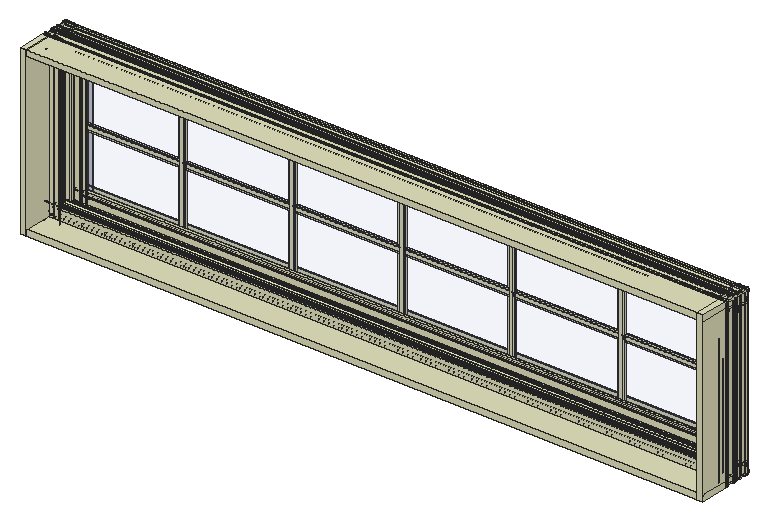
Revit family (continued)
Forms (in)
  Sweep 10, solid, material "Pella-Exterior Clad-Tan" <- "Exterior Finish"
    path origin (0, 2.95276, 0) x (1, 0, 0) y (0, 0, 1)
      loop
        line (34.5, 32.75) -> (-34.5, 32.75)
    profile origin (0, 2.95276, 32.75) x (0, 0, -1) y (0, -1, 0)
      loop
        arc (-1.16584, 0.22529) -> (-1.1383, 0.24955) -> (-1.10836, 0.22831) r 0.02957
        line (-1.10836, 0.22831) -> (-0.96796, 0.29378)
        arc (-0.96796, 0.29378) -> (-0.95487, 0.32512) -> (-0.98486, 0.34107) r 0.02522
        line (-0.98486, 0.34107) -> (-1.0968, 0.28886)
        arc (-1.0968, 0.28886) -> (-1.17828, 0.28791) -> (-1.21625, 0.21581) r 0.07961
        line (-1.21625, 0.21581) -> (-1.71765, 0.21581)
        arc (-1.71765, 0.21581) -> (-1.73793, 0.23008) -> (-1.76245, 0.23373) r 0.05376
        arc (-1.76245, 0.23373) -> (-1.77651, 0.22791) -> (-1.78234, 0.21384) r 0.01989
        arc (-1.78234, 0.21384) -> (-1.77787, 0.18303) -> (-1.75189, 0.16586) r 0.03806
        line (-1.75189, 0.16586) -> (-1.23505, 0.16586)
        arc (-1.23505, 0.16586) -> (-1.18944, 0.18275) -> (-1.16584, 0.22529) r 0.07001
  Sweep 11, solid, material "Pella-Exterior Clad-Tan" <- "Exterior Finish"
    path origin (0, 2.95276, 0) x (1, 0, 0) y (0, 0, 1)
      loop
        line (34.5, 47.75) -> (-34.5, 47.75)
    profile origin (0, 2.95276, 47.75) x (0, 0, -1) y (0, -1, 0)
      loop
        arc (1.16584, 0.22529) -> (1.18944, 0.18275) -> (1.23505, 0.16586) r 0.07001
        line (1.23505, 0.16586) -> (1.75189, 0.16586)
        arc (1.75189, 0.16586) -> (1.77787, 0.18303) -> (1.78234, 0.21384) r 0.03806
        arc (1.78234, 0.21384) -> (1.77651, 0.22791) -> (1.76245, 0.23373) r 0.01989
        arc (1.76245, 0.23373) -> (1.73793, 0.23008) -> (1.71765, 0.21581) r 0.05376
        line (1.71765, 0.21581) -> (1.21625, 0.21581)
        arc (1.21625, 0.21581) -> (1.17828, 0.28791) -> (1.0968, 0.28886) r 0.07961
        line (1.0968, 0.28886) -> (0.98486, 0.34107)
        arc (0.98486, 0.34107) -> (0.95487, 0.32512) -> (0.96796, 0.29378) r 0.02522
        line (0.96796, 0.29378) -> (1.10836, 0.22831)
        arc (1.10836, 0.22831) -> (1.1383, 0.24955) -> (1.16584, 0.22529) r 0.02957
  Sweep 12, solid, material "Pella-Exterior Clad-Tan" <- "Exterior Finish"
    path origin (0, 2.95276, 0) x (1, 0, 0) y (0, 0, 1)
      loop
        line (34.5, 47.75) -> (34.5, 32.75)
    profile origin (34.5, 2.95276, 40.25) x (0, -1, 0) y (1, 0, 0)
      loop
        arc (0.22529, -1.16584) -> (0.18275, -1.18944) -> (0.16586, -1.23505) r 0.07001
        line (0.16586, -1.23505) -> (0.16586, -1.75189)
        arc (0.16586, -1.75189) -> (0.18303, -1.77787) -> (0.21384, -1.78234) r 0.03806
        arc (0.21384, -1.78234) -> (0.22791, -1.77651) -> (0.23373, -1.76245) r 0.01989
        arc (0.23373, -1.76245) -> (0.23008, -1.73793) -> (0.21581, -1.71765) r 0.05376
        line (0.21581, -1.71765) -> (0.21581, -1.21625)
        arc (0.21581, -1.21625) -> (0.28791, -1.17828) -> (0.28886, -1.0968) r 0.07961
        line (0.28886, -1.0968) -> (0.34107, -0.98486)
        arc (0.34107, -0.98486) -> (0.32512, -0.95487) -> (0.29378, -0.96796) r 0.02522
        line (0.29378, -0.96796) -> (0.22831, -1.10836)
        arc (0.22831, -1.10836) -> (0.24955, -1.1383) -> (0.22529, -1.16584) r 0.02957
  Sweep 13, solid
    path origin (0, 2.95276, 0) x (1, 0, 0) y (0, 0, 1)
      loop
        line (-34.5, 32.75) -> (-34.5, 47.75)
    profile origin (-34.5, 2.95276, 40.25) x (-1, 0, 0) y (0, -1, 0)
      loop
        arc (-1.16584, 0.22529) -> (-1.1383, 0.24955) -> (-1.10836, 0.22831) r 0.02957
        line (-1.10836, 0.22831) -> (-0.96796, 0.29378)
        arc (-0.96796, 0.29378) -> (-0.95487, 0.32512) -> (-0.98486, 0.34107) r 0.02522
        line (-0.98486, 0.34107) -> (-1.0968, 0.28886)
        arc (-1.0968, 0.28886) -> (-1.17828, 0.28791) -> (-1.21625, 0.21581) r 0.07961
        line (-1.21625, 0.21581) -> (-1.71765, 0.21581)
        arc (-1.71765, 0.21581) -> (-1.73793, 0.23008) -> (-1.76245, 0.23373) r 0.05376
        arc (-1.76245, 0.23373) -> (-1.77651, 0.22791) -> (-1.78234, 0.21384) r 0.01989
        arc (-1.78234, 0.21384) -> (-1.77787, 0.18303) -> (-1.75189, 0.16586) r 0.03806
        line (-1.75189, 0.16586) -> (-1.23505, 0.16586)
        arc (-1.23505, 0.16586) -> (-1.18944, 0.18275) -> (-1.16584, 0.22529) r 0.07001
  Sweep 14, solid, material "Pella-Exterior Clad-Tan" <- "Interior Finish"
    path origin (0, 2.95276, 0) x (1, 0, 0) y (0, 0, 1)
      loop
        line (35.75, 49) -> (35.75, 31.5)
    profile origin (35.75, 2.95276, 40.25) x (0, -1, 0) y (1, 0, 0)
      loop
        line (2.99998, 0) -> (2.99998, -0.625) -> (5.90551, -0.625) -> (5.90551, 0) -> (2.99998, 0)
  Sweep 15, solid, material "Pella-Exterior Clad-Tan" <- "Interior Finish"
    path origin (0, 2.95276, 0) x (1, 0, 0) y (0, 0, 1)
      loop
        line (-35.75, 49) -> (-35.75, 31.5)
    profile origin (-35.75, 2.95276, 40.25) x (0, -1, 0) y (1, 0, 0)
      loop
        line (2.99998, 0) -> (5.90551, 0) -> (5.90551, 0.625) -> (2.99998, 0.625) -> (2.99998, 0)
  Sweep 16, solid, material "Pella-Exterior Clad-Tan" <- "Interior Finish"
    path origin (0, 2.95276, 0) x (1, 0, 0) y (0, 0, 1)
      loop
        line (35.75, 31.5) -> (-35.75, 31.5)
    profile origin (0, 2.95276, 31.5) x (0, 0, -1) y (0, -1, 0)
      loop
        line (0, 2.99998) -> (0, 5.90551) -> (-0.625, 5.90551) -> (-0.625, 2.99998) -> (0, 2.99998)
  Sweep 17, solid, material "Pella-Exterior Clad-Tan" <- "Interior Finish"
    path origin (0, 2.95276, 0) x (1, 0, 0) y (0, 0, 1)
      loop
        line (35.75, 49) -> (-35.75, 49)
    profile origin (0, 2.95276, 49) x (0, 0, -1) y (0, -1, 0)
      loop
        line (0, 2.99998) -> (0.625, 2.99998) -> (0.625, 5.90551) -> (0, 5.90551) -> (0, 2.99998)
  Extrusion 18, solid, material "Pella-Argon Filled, Low-E Insulating Glass" <- "Glazing Type"
    sketch origin (0, 2.7192, 0) x (0, 0, -1) y (1, 0, 0)
      loop
        line (-46.45155, 33.20155) -> (-46.45155, -33.20155) -> (-34.04845, -33.20155) -> (-34.04845, 33.20155) -> (-46.45155, 33.20155)
    from 0 to 0.11811
  Extrusion 19, solid, material "Pella-Argon Filled, Low-E Insulating Glass" <- "Glazing Type"
    sketch origin (0, 2.00526, 0) x (0, 0, -1) y (1, 0, 0)
      loop
        line (-34.04845, -33.20155) -> (-34.04845, 33.20155) -> (-46.45155, 33.20155) -> (-46.45155, -33.20155) -> (-34.04845, -33.20155)
    from 0 to -0.11811
  Sweep 20, solid, material "Pella-Exterior Clad-Tan" <- "Grille Finish", visible <- "Vertical Mullion 5"
    path origin (0, 2.95276, 0) x (1, 0, 0) y (0, 0, 1)
      loop
        line (0, 46.53029) -> (0, 33.96971)
    profile origin (0, 2.95276, 40.25) x (0, -1, 0) y (1, 0, 0)
      loop
        line (0.65942, -23.375) -> (0.67625, -23.21555) -> (0.70864, -23.19685) -> (0.70864, -22.80315) -> (0.67625, -22.78445) -> (0.65942, -22.625) -> (0.52163, -22.625) -> (0.50481, -22.78445) -> (0.47242, -22.80315) -> (0.47242, -23.19685) -> (0.50481, -23.21555) -> (0.52163, -23.375) -> (0.65942, -23.375)
      loop
        line (0.65942, -11.875) -> (0.67625, -11.71555) -> (0.70864, -11.69685) -> (0.70864, -11.30315) -> (0.67625, -11.28445) -> (0.65942, -11.125) -> (0.52163, -11.125) -> (0.50481, -11.28445) -> (0.47242, -11.30315) -> (0.47242, -11.69685) -> (0.50481, -11.71555) -> (0.52163, -11.875) -> (0.65942, -11.875)
      loop
        line (0.65942, -0.375) -> (0.67625, -0.21555) -> (0.70864, -0.19685) -> (0.70864, 0.19685) -> (0.67625, 0.21555) -> (0.65942, 0.375) -> (0.52163, 0.375) -> (0.50481, 0.21555) -> (0.47242, 0.19685) -> (0.47242, -0.19685) -> (0.50481, -0.21555) -> (0.52163, -0.375) -> (0.65942, -0.375)
      loop
        line (0.65942, 11.125) -> (0.67625, 11.28445) -> (0.70864, 11.30315) -> (0.70864, 11.69685) -> (0.67625, 11.71555) -> (0.65942, 11.875) -> (0.52163, 11.875) -> (0.50481, 11.71555) -> (0.47242, 11.69685) -> (0.47242, 11.30315) -> (0.50481, 11.28445) -> (0.52163, 11.125) -> (0.65942, 11.125)
      loop
        line (0.65942, 22.625) -> (0.67625, 22.78445) -> (0.70864, 22.80315) -> (0.70864, 23.19685) -> (0.67625, 23.21555) -> (0.65942, 23.375) -> (0.52163, 23.375) -> (0.50481, 23.21555) -> (0.47242, 23.19685) -> (0.47242, 22.80315) -> (0.50481, 22.78445) -> (0.52163, 22.625) -> (0.65942, 22.625)
  Sweep 21, solid, material "Pella-Exterior Clad-Tan" <- "Grille Finish", visible <- "Horizontal Mullion 1"
    path origin (0, 2.95276, 0) x (1, 0, 0) y (0, 0, 1)
      loop
        line (33.28029, 40.25) -> (-33.28029, 40.25)
    profile origin (0, 2.95276, 40.25) x (0, 0, -1) y (0, -1, 0)
      loop
        line (0.375, 0.52163) -> (0.375, 0.65942) -> (0.21555, 0.67625) -> (0.19685, 0.70864) -> (-0.19685, 0.70864) -> (-0.21555, 0.67625) -> (-0.375, 0.65942) -> (-0.375, 0.52163) -> (-0.21555, 0.50481) -> (-0.19685, 0.47242) -> (0.19685, 0.47242) -> (0.21555, 0.50481) -> (0.375, 0.52163)
  Sweep 22, solid, material "Pella-Exterior Clad-Tan" <- "Grille Finish", visible <- "Prairie Grille"
    path origin (0, 2.95276, 0) x (1, 0, 0) y (0, 0, 1)
      loop
        line (0, 33.96971) -> (0, 46.53029)
    profile origin (0, 2.95276, 40.25) x (-1, 0, 0) y (0, -1, 0)
      loop
        line (30.45571, 0.65942) -> (30.29626, 0.67625) -> (30.27756, 0.70864) -> (29.88386, 0.70864) -> (29.86516, 0.67625) -> (29.70571, 0.65942) -> (29.70571, 0.52163) -> (29.86516, 0.50481) -> (29.88386, 0.47242) -> (30.27756, 0.47242) -> (30.29626, 0.50481) -> (30.45571, 0.52163) -> (30.45571, 0.65942)
      loop
        line (-29.70571, 0.65942) -> (-29.86516, 0.67625) -> (-29.88386, 0.70864) -> (-30.27756, 0.70864) -> (-30.29626, 0.67625) -> (-30.45571, 0.65942) -> (-30.45571, 0.52163) -> (-30.29626, 0.50481) -> (-30.27756, 0.47242) -> (-29.88386, 0.47242) -> (-29.86516, 0.50481) -> (-29.70571, 0.52163) -> (-29.70571, 0.65942)
  Sweep 23, solid, material "Pella-Exterior Clad-Tan" <- "Grille Finish", visible <- "Prairie Grille"
    path origin (0, 2.95276, 0) x (1, 0, 0) y (0, 0, 1)
      loop
        line (33.28029, 40.25) -> (-33.28029, 40.25)
    profile origin (0, 2.95276, 40.25) x (0, 0, -1) y (0, -1, 0)
      loop
        line (-3.53804, 0.52163) -> (-3.37859, 0.50481) -> (-3.35989, 0.47242) -> (-2.96619, 0.47242) -> (-2.94749, 0.50481) -> (-2.78804, 0.52163) -> (-2.78804, 0.65942) -> (-2.94749, 0.67625) -> (-2.96619, 0.70864) -> (-3.35989, 0.70864) -> (-3.37859, 0.67625) -> (-3.53804, 0.65942) -> (-3.53804, 0.52163)
  Sweep 24, solid, material "Pella-Exterior Clad-Tan" <- "Grille Finish", visible <- "Prairie Grille"
    path origin (0, 2.95276, 0) x (1, 0, 0) y (0, 0, 1)
      loop
        line (33.28029, 40.25) -> (-33.28029, 40.25)
    profile origin (0, 2.95276, 40.25) x (0, 0, -1) y (0, -1, 0)
      loop
        line (3.53804, 0.52163) -> (3.53804, 0.65942) -> (3.37859, 0.67625) -> (3.35989, 0.70864) -> (2.96619, 0.70864) -> (2.94749, 0.67625) -> (2.78804, 0.65942) -> (2.78804, 0.52163) -> (2.94749, 0.50481) -> (2.96619, 0.47242) -> (3.35989, 0.47242) -> (3.37859, 0.50481) -> (3.53804, 0.52163)
Lines and regions (in)
  Opening 1
    outline origin (137.79528, -2.95276, 0) x (1, 0, 0) y (0, 0, 1)
      loop
        line (-102.04528, 31.5) -> (-102.04528, 49) -> (-173.54528, 49) -> (-173.54528, 31.5) -> (-102.04528, 31.5)
Text (in)
  text "EXTERIOR" at (-77.29147, 52.45485, 0), in view "Ref. Level"
  text "INTERIOR" at (-78.01048, -32.21994, 0), in view "Ref. Level"
  text "Exterior" at (0, 36.36817, 115.8778), in view "Right"
  text "Exterior" at (0, 40.96394, 105.72475), in view "Left"
Dimensions and locks (in)
  equal spacing: plane 3 "Left", plane 2 "Center (Left/Right)", plane 4 "Right"
  "Width": plane 3 "Left" to plane 4 "Right"
  "Height": plane 5 "Sill" to plane 6 "Head"
  "Default Sill Height": plane 5 "Sill" to level
  locked: plane 7 "Exterior" to host wall at 0
  locked: plane 8 "Interior" to host wall
  "Set Back": plane 10 "Set Back" to plane 9 "Exterior Facade"
  equal spacing: plane 11 "Left Sash", plane 2 "Center (Left/Right)", plane 12 "Right Sash"
  "Sash Width": plane 11 "Left Sash" to plane 12 "Right Sash"
  plane 11 "Left Sash" to plane 13 "Interior Left" to plane 27 = 0' - 1.4868" locked, 0' - 0.30189" locked
  plane 26 to plane 14 "Interior Right" to plane 12 "Right Sash" = 0' - 0.30189" locked, 0' - 1.4868" locked
  locked: plane 15 "Head (Interior)" to plane 17 "Head-Interior" at 1.4868
  locked: plane 18 "Sill-Interior" to plane 16 "Sill (Interior)" at 1.4868
  locked: plane 7 "Exterior" to plane 9 "Exterior Facade" at 1.3125
  locked: plane 6 "Head" to plane 15 "Head (Interior)" at 1.25
  locked: plane 16 "Sill (Interior)" to plane 5 "Sill" at 1.25
  equal spacing: plane 17 "Head-Interior", plane 19, plane 18 "Sill-Interior"
  locked: plane 20 "Glazing Exterior - Exterior" to plane 21 "Glazing Exterior - Interior" at 0.11811
  locked: plane 23 "Glazing Interior - Interior" to plane 22 "Glazing Interior - Exterior" at 0.11811
  locked: plane 25 "2nd Glazing Sill" to plane 18 "Sill-Interior" at 0.30189
  locked: plane 17 "Head-Interior" to plane 24 "2nd Glazing Head" at 0.30189
  plane 33 to plane 32 to plane 31 to plane 28 to plane 29 to plane 30 to plane 4 "Right" = 0' - 0.07" locked, 0' - 0.28" locked, 0' - 0.651" locked, 0' - 0.05508" locked, 0' - 0.03092" locked, 0' - 1.38271" locked
  plane 3 "Left" to plane 36 to plane 35 to plane 34 to plane 37 to plane 38 to plane 39 = 0' - 1.38271" locked, 0' - 0.03092" locked, 0' - 0.05508" locked, 0' - 0.651" locked, 0' - 0.28" locked, 0' - 0.07" locked
  locked: plane 3 "Left" to plane 40 at 3.03234
  locked: plane 41 to plane 4 "Right" at 3.03234
  locked: plane 42 to plane 4 "Right" at 0.625
  locked: plane 43 to plane 10 "Set Back" at 2.99998
  locked: plane 3 "Left" to plane 44 at 0.625
  locked: plane 10 "Set Back" to plane 45 at 2.99998
  locked: plane 5 "Sill" to plane 46 at 0.625
  locked: plane 10 "Set Back" to plane 47 at 2.99998
  locked: plane 10 "Set Back" to plane 48 at 2.99998
  locked: plane 49 to plane 6 "Head" at 0.625
  plane 10 "Set Back" to plane 20 "Glazing Exterior - Exterior" to plane 22 "Glazing Interior - Exterior" = 0' - 0.23356" locked, 0' - 0.71394" locked
  locked: plane 53 to plane 4 "Right" at 2.54845
  locked: plane 3 "Left" to plane 52 at 2.54845
  locked: plane 5 "Sill" to plane 50 at 2.54845
  locked: plane 51 to plane 6 "Head" at 2.54845
  locked: plane 55 to plane 4 "Right" at 2.54845
  locked: plane 3 "Left" to plane 54 at 2.54845
  locked: plane 57 to plane 6 "Head" at 2.54845
  locked: plane 5 "Sill" to plane 56 at 2.54845
  locked: plane 6 "Head" to plane 58 at 2.46971
  locked: plane 59 to plane 5 "Sill" at 2.46971
  locked: plane 3 "Left" to plane 60 at 2.46971
  locked: plane 61 to plane 4 "Right" at 2.46971
  equal spacing: plane 60, plane 62, plane 63, plane 61
  equal spacing: plane 11 "Left Sash", plane 64, plane 65, plane 66, plane 12 "Right Sash"
  equal spacing: plane 11 "Left Sash", plane 67, plane 68, plane 69, plane 70, plane 12 "Right Sash"
  equal spacing: plane 11 "Left Sash", plane 71, plane 72, plane 73, plane 74, plane 75, plane 12 "Right Sash"
  plane 77 to plane 71 to plane 76 = 0' - 0 3/8" locked, 0' - 0 3/8" locked
  plane 79 to plane 72 to plane 78 = 0' - 0 3/8" locked, 0' - 0 3/8" locked
  plane 81 to plane 73 to plane 80 = 0' - 0 3/8" locked, 0' - 0 3/8" locked
  plane 83 to plane 74 to plane 82 = 0' - 0 3/8" locked, 0' - 0 3/8" locked
  plane 85 to plane 75 to plane 84 = 0' - 0 3/8" locked, 0' - 0 3/8" locked
  plane 87 to plane 19 to plane 86 = 0' - 0 3/8" locked, 0' - 0 3/8" locked
  equal spacing: plane 17 "Head-Interior", plane 89, plane 88, plane 18 "Sill-Interior"
  equal spacing: plane 17 "Head-Interior", plane 92, plane 91, plane 90, plane 18 "Sill-Interior"
  equal spacing: plane 17 "Head-Interior", plane 96, plane 95, plane 94, plane 93, plane 18 "Sill-Interior"
  plane 3 "Left" to plane 98 to plane 97 = 0' - 5.29429" locked, 0' - 0 3/4" locked
  plane 100 to plane 99 to plane 4 "Right" = 0' - 0 3/4" locked, 0' - 5.29429" locked
  plane 15 "Head (Interior)" to plane 102 to plane 101 = 0' - 3.96196" locked, 0' - 0 3/4" locked
  plane 16 "Sill (Interior)" to plane 104 to plane 103 = 0' - 3.96196" locked, 0' - 0 3/4" locked
  aligned and locked: plane 3 "Left" to Sweep 1 sketch curve
  aligned and locked: plane 4 "Right" to Sweep 2 sketch curve
  aligned and locked: plane 6 "Head" to Sweep 3 sketch curve
  aligned and locked: plane 5 "Sill" to Sweep 4 sketch curve
  aligned and locked: plane 5 "Sill" to Sweep 5 sketch curve
  aligned and locked: plane 16 "Sill (Interior)" to Sweep 6 sketch curve
  aligned and locked: plane 15 "Head (Interior)" to Sweep 7 sketch curve
  aligned and locked: Sweep 8 sketch curve to plane 12 "Right Sash"
  aligned and locked: plane 30 to Sweep 8 sketch curve
  aligned and locked: plane 29 to Sweep 8 sketch curve
  aligned and locked: plane 28 to Sweep 8 sketch curve
  aligned and locked: plane 31 to Sweep 8 sketch curve
  aligned and locked: plane 32 to Sweep 8 sketch curve
  aligned and locked: plane 33 to Sweep 8 sketch curve
  aligned and locked: Sweep 9 sketch curve to plane 11 "Left Sash"
  aligned and locked: Sweep 9 sketch curve to plane 36
  aligned and locked: Sweep 9 sketch curve to plane 35
  aligned and locked: plane 34 to Sweep 9 sketch curve
  aligned and locked: plane 37 to Sweep 9 sketch curve
  aligned and locked: Sweep 9 sketch curve to plane 38
  aligned and locked: plane 39 to Sweep 9 sketch curve
  aligned and locked: plane 16 "Sill (Interior)" to Sweep 10 sketch curve
  aligned and locked: plane 15 "Head (Interior)" to Sweep 11 sketch curve
  aligned and locked: Sweep 12 sketch curve to plane 12 "Right Sash"
  aligned and locked: plane 11 "Left Sash" to Sweep 13 sketch curve
  aligned and locked: plane 40 to Sweep 13 sketch curve
  aligned and locked: plane 41 to Sweep 12 sketch curve
  aligned and locked: Sweep 14 sketch curve to plane 4 "Right"
  aligned and locked: plane 42 to Sweep 14 sketch curve
  aligned and locked: plane 8 "Interior" to Sweep 14 sketch curve
  aligned and locked: plane 43 to Sweep 14 sketch curve
  aligned and locked: Sweep 15 sketch curve to plane 3 "Left"
  aligned and locked: plane 44 to Sweep 15 sketch curve
  aligned and locked: plane 45 to Sweep 15 sketch curve
  aligned and locked: Sweep 15 sketch curve to plane 8 "Interior"
  aligned and locked: plane 5 "Sill" to Sweep 16 sketch curve
  aligned and locked: plane 47 to Sweep 16 sketch curve
  aligned and locked: plane 8 "Interior" to Sweep 16 sketch curve
  aligned and locked: Sweep 16 sketch curve to plane 46
  aligned and locked: plane 6 "Head" to Sweep 17 sketch curve
  aligned and locked: Sweep 17 sketch curve to plane 49
  aligned and locked: plane 48 to Sweep 17 sketch curve
  aligned and locked: Sweep 17 sketch curve to plane 8 "Interior"
  aligned and locked: Extrusion 18 sketch curve to plane 53
  aligned and locked: Extrusion 18 sketch curve to plane 51
  aligned and locked: Extrusion 18 sketch curve to plane 52
  aligned and locked: Extrusion 18 sketch curve to plane 50
  aligned and locked: plane 21 "Glazing Exterior - Interior" to Extrusion 18
  aligned and locked: plane 55 to Extrusion 19 sketch curve
  aligned and locked: Extrusion 19 sketch curve to plane 57
  aligned and locked: Extrusion 19 sketch curve to plane 54
  aligned and locked: plane 56 to Extrusion 19 sketch curve
  aligned and locked: Extrusion 19 to plane 23 "Glazing Interior - Interior"
  aligned and locked: plane 12 "Right Sash" to Sweep 6 sketch curve
  aligned and locked: plane 11 "Left Sash" to Sweep 6 sketch curve
  aligned and locked: plane 12 "Right Sash" to Sweep 7 sketch curve
  aligned and locked: plane 11 "Left Sash" to Sweep 7 sketch curve
  aligned and locked: plane 2 "Center (Left/Right)" to Sweep 20 sketch curve
  aligned and locked: plane 77 to Sweep 20 sketch curve
  aligned and locked: plane 76 to Sweep 20 sketch curve
  aligned and locked: plane 79 to Sweep 20 sketch curve
  aligned and locked: plane 78 to Sweep 20 sketch curve
  aligned and locked: plane 81 to Sweep 20 sketch curve
  aligned and locked: plane 80 to Sweep 20 sketch curve
  aligned and locked: plane 83 to Sweep 20 sketch curve
  aligned and locked: plane 82 to Sweep 20 sketch curve
  aligned and locked: plane 85 to Sweep 20 sketch curve
  aligned and locked: plane 84 to Sweep 20 sketch curve
  aligned and locked: Sweep 21 sketch curve to plane 19
  aligned and locked: plane 87 to Sweep 21 sketch curve
  aligned and locked: plane 86 to Sweep 21 sketch curve
  aligned and locked: Sweep 22 sketch curve to plane 2 "Center (Left/Right)"
  aligned and locked: plane 98 to Sweep 22 sketch curve
  aligned and locked: plane 97 to Sweep 22 sketch curve
  aligned and locked: plane 100 to Sweep 22 sketch curve
  aligned and locked: plane 99 to Sweep 22 sketch curve
  aligned and locked: Sweep 23 sketch curve to plane 19
  aligned and locked: Sweep 23 sketch curve to plane 102
  aligned and locked: Sweep 23 sketch curve to plane 101
  aligned and locked: plane 104 to Sweep 24 sketch curve
  aligned and locked: plane 103 to Sweep 24 sketch curve
Automatic sketch dimensions
  Opening 1 sketch curve to plane 3 "Left" = 0' - 0"
  Opening 1 sketch curve to plane 4 "Right" = 0' - 0"
  Opening 1 sketch curve to plane 5 "Sill" = 0' - 0"
  Opening 1 sketch curve to plane 6 "Head" = 0' - 0"
  Sweep 1 sketch curve to plane 5 "Sill" = 0' - 0"
  Sweep 1 sketch curve to plane 6 "Head" = 0' - 0"
  Sweep 1 sketch curve to Sweep 1 sketch curve = 0' - 0"  (x34)
  Sweep 1 sketch curve to profile plane = 0' - 0"  (x3)
  profile plane to Sweep 1 sketch curve = 0' - 0.02"  (x2)
  profile plane to Sweep 1 sketch curve = 0' - 0.025"
  profile plane to Sweep 1 sketch curve = 0' - 0.03318"  (x2)
  profile plane to Sweep 1 sketch curve = 0' - 0.03511"
  Sweep 1 sketch curve to Sweep 1 sketch curve = 0' - 0.00597"
  profile plane to Sweep 1 sketch curve = 0' - 0.04108"
  profile plane to Sweep 1 sketch curve = 0' - 0.045"  (x2)
  Sweep 1 sketch curve to Sweep 1 sketch curve = 0' - 0.028"  (x3)
  profile plane to Sweep 1 sketch curve = 0' - 0.05"
  Sweep 1 sketch curve to Sweep 1 sketch curve = 0' - 0.05"  (x6)
  Sweep 1 sketch curve to Sweep 1 sketch curve = 0' - 0.002"  (x2)
  Sweep 1 sketch curve to Sweep 1 sketch curve = 0' - 0.004"  (x2)
  Sweep 1 sketch curve to Sweep 1 sketch curve = 0' - 0.03182"  (x2)
  Sweep 1 sketch curve to Sweep 1 sketch curve = 0' - 0.015"
  profile plane to Sweep 1 sketch curve = 0' - 0.095"  (x3)
  Sweep 1 sketch curve to Sweep 1 sketch curve = 0' - 0.045"  (x8)
  Sweep 1 sketch curve to Sweep 1 sketch curve = 0' - 0.06392"  (x2)
  Sweep 1 sketch curve to Sweep 1 sketch curve = 0' - 0 1/256"  (x2)
  profile plane to Sweep 1 sketch curve = 0' - 0.11339"
  Sweep 1 sketch curve to Sweep 1 sketch curve = 0' - 0.0185"
  Sweep 1 sketch curve to Sweep 1 sketch curve = 0' - 0.055"  (x2)
  Sweep 1 sketch curve to Sweep 1 sketch curve = 0' - 0.02"  (x5)
  Sweep 1 sketch curve to Sweep 1 sketch curve = 0' - 0.07"  (x5)
  Sweep 1 sketch curve to Sweep 1 sketch curve = 0' - 0.503"
  plane 10 "Set Back" to Sweep 1 sketch curve = 0' - 0.09498"
  Sweep 1 sketch curve to Sweep 1 sketch curve = 0' - 0.58061"
  Sweep 1 sketch curve to plane 10 "Set Back" = 0' - 0"
  Sweep 1 sketch curve to Sweep 1 sketch curve = 0' - 0.01918"
  Sweep 1 sketch curve to Sweep 1 sketch curve = 0' - 0.02428"
  Sweep 1 sketch curve to Sweep 1 sketch curve = 0' - 0.03661"  (x2)
  Sweep 1 sketch curve to Sweep 1 sketch curve = 0' - 0.04333"
  Sweep 1 sketch curve to Sweep 1 sketch curve = 0' - 0.08839"  (x2)
  Sweep 1 sketch curve to Sweep 1 sketch curve = 0' - 0.09745"
  Sweep 1 sketch curve to Sweep 1 sketch curve = 0' - 0.01654"  (x2)
  Sweep 1 sketch curve to Sweep 1 sketch curve = 0' - 0.02032"
  Sweep 1 sketch curve to Sweep 1 sketch curve = 0' - 0.02085"
  Sweep 1 sketch curve to Sweep 1 sketch curve = 0' - 0.0255"  (x2)
  Sweep 1 sketch curve to Sweep 1 sketch curve = 0' - 0.03292"  (x2)
  Sweep 1 sketch curve to Sweep 1 sketch curve = 0' - 0.00055"  (x2)
  Sweep 1 sketch curve to Sweep 1 sketch curve = 0' - 0.02055"  (x2)
  Sweep 1 sketch curve to Sweep 1 sketch curve = 0' - 0.01"  (x2)
  Sweep 1 sketch curve to Sweep 1 sketch curve = 0' - 0.06016"  (x2)
  Sweep 1 sketch curve to Sweep 1 sketch curve = 0' - 0.035"  (x2)
  Sweep 1 sketch curve to Sweep 1 sketch curve = 0' - 0.02784"
  Sweep 1 sketch curve to Sweep 1 sketch curve = 0' - 0.26915"
  Sweep 1 sketch curve to Sweep 1 sketch curve = 0' - 0.05167"
  Sweep 1 sketch curve to Sweep 1 sketch curve = 0' - 0.00119"
  Sweep 1 sketch curve to Sweep 1 sketch curve = 0' - 0.01714"
  Sweep 1 sketch curve to Sweep 1 sketch curve = 0' - 0.094"
  Sweep 1 sketch curve to Sweep 1 sketch curve = 0' - 0.27984"
  Sweep 1 sketch curve to Sweep 1 sketch curve = 0' - 0.04496"
  Sweep 1 sketch curve to Sweep 1 sketch curve = 0' - 0.06993"
  Sweep 1 sketch curve to Sweep 1 sketch curve = 0' - 0.00011"
  Sweep 1 sketch curve to Sweep 1 sketch curve = 0' - 0.0299"  (x2)
  Sweep 1 sketch curve to Sweep 1 sketch curve = 0' - 0.11021"
  Sweep 1 sketch curve to Sweep 1 sketch curve = 0' - 0.383"
  Sweep 1 sketch curve to Sweep 1 sketch curve = 0' - 0.16011"
  Sweep 1 sketch curve to Sweep 1 sketch curve = 0' - 0.01368"
  Sweep 1 sketch curve to Sweep 1 sketch curve = 0' - 0.03998"
  Sweep 1 sketch curve to Sweep 1 sketch curve = 0' - 0.0275"
  Sweep 1 sketch curve to Sweep 1 sketch curve = 0' - 0.02752"
  plane 10 "Set Back" to Sweep 1 sketch curve = 0' - 0.04999"
  plane 10 "Set Back" to Sweep 1 sketch curve = 0' - 0.05186"
  Sweep 1 sketch curve to Sweep 1 sketch curve = 0' - 0.185"  (x2)
  Sweep 1 sketch curve to Sweep 1 sketch curve = 0' - 0.338"
  Sweep 1 sketch curve to Sweep 1 sketch curve = 0' - 0.37122"
  Sweep 1 sketch curve to Sweep 1 sketch curve = 0' - 0.08021"
  Sweep 1 sketch curve to Sweep 1 sketch curve = 0' - 0.01336"  (x2)
  Sweep 1 sketch curve to Sweep 1 sketch curve = 0' - 0.34"
  Sweep 1 sketch curve to Sweep 1 sketch curve = 0' - 0.047"
  Sweep 1 sketch curve to Sweep 1 sketch curve = 0' - 0.19"
  Sweep 1 sketch curve to Sweep 1 sketch curve = 0' - 0.35014"
  Sweep 1 sketch curve to Sweep 1 sketch curve = 0' - 0.027"
  Sweep 1 sketch curve to Sweep 1 sketch curve = 0' - 0.00938"
  Sweep 1 sketch curve to Sweep 1 sketch curve = 0' - 0.02127"
  Sweep 1 sketch curve to Sweep 1 sketch curve = 0' - 0.09032"
  Sweep 1 sketch curve to Sweep 1 sketch curve = 0' - 0.03915"
  Sweep 1 sketch curve to Sweep 1 sketch curve = 0' - 0.05036"
  Sweep 1 sketch curve to Sweep 1 sketch curve = 0' - 0.00152"
  Sweep 1 sketch curve to Sweep 1 sketch curve = 0' - 0.06753"
  Sweep 1 sketch curve to Sweep 1 sketch curve = 0' - 0.00594"
  Sweep 1 sketch curve to Sweep 1 sketch curve = 0' - 0 5/8"
  Sweep 1 sketch curve to Sweep 1 sketch curve = 0' - 0.005"  (x3)
  Sweep 1 sketch curve to Sweep 1 sketch curve = 0' - 0.58164"
  Sweep 1 sketch curve to Sweep 1 sketch curve = 0' - 0.04411"
  Sweep 1 sketch curve to Sweep 1 sketch curve = 0' - 0.03474"
  Sweep 1 sketch curve to Sweep 1 sketch curve = 0' - 0.03"  (x2)
  Sweep 1 sketch curve to Sweep 1 sketch curve = 0' - 0.0175"
  Sweep 1 sketch curve to Sweep 1 sketch curve = 0' - 0.0025"
  Sweep 2 sketch curve to plane 5 "Sill" = 0' - 0"
  Sweep 2 sketch curve to plane 6 "Head" = 0' - 0"
  Sweep 2 sketch curve to Sweep 2 sketch curve = 0' - 0"  (x34)
  Sweep 2 sketch curve to profile plane = 0' - 0"  (x3)
  Sweep 2 sketch curve to profile plane = 0' - 0.02"  (x2)
  Sweep 2 sketch curve to profile plane = 0' - 0.025"
  Sweep 2 sketch curve to profile plane = 0' - 0.03318"  (x2)
  Sweep 2 sketch curve to profile plane = 0' - 0.03511"
  Sweep 2 sketch curve to profile plane = 0' - 0.04108"
  Sweep 2 sketch curve to Sweep 2 sketch curve = 0' - 0.00597"
  Sweep 2 sketch curve to Sweep 2 sketch curve = 0' - 0.045"  (x10)
  Sweep 2 sketch curve to Sweep 2 sketch curve = 0' - 0 1/256"  (x3)
  Sweep 2 sketch curve to Sweep 2 sketch curve = 0' - 0.028"  (x3)
  Sweep 2 sketch curve to Sweep 2 sketch curve = 0' - 0.05"  (x8)
  Sweep 2 sketch curve to Sweep 2 sketch curve = 0' - 0.002"  (x2)
  Sweep 2 sketch curve to Sweep 2 sketch curve = 0' - 0.004"  (x2)
  Sweep 2 sketch curve to Sweep 2 sketch curve = 0' - 0.03182"  (x2)
  Sweep 2 sketch curve to Sweep 2 sketch curve = 0' - 0.015"
  Sweep 2 sketch curve to profile plane = 0' - 0.095"  (x3)
  Sweep 2 sketch curve to plane 10 "Set Back" = 0' - 0"
  Sweep 2 sketch curve to Sweep 2 sketch curve = 0' - 0.06392"  (x2)
  Sweep 2 sketch curve to profile plane = 0' - 0.11339"
  Sweep 2 sketch curve to Sweep 2 sketch curve = 0' - 0.0185"
  Sweep 2 sketch curve to Sweep 2 sketch curve = 0' - 0.02"  (x5)
  Sweep 2 sketch curve to Sweep 2 sketch curve = 0' - 0.055"  (x2)
  Sweep 2 sketch curve to Sweep 2 sketch curve = 0' - 0.07"  (x5)
  Sweep 2 sketch curve to Sweep 2 sketch curve = 0' - 0.503"
  Sweep 2 sketch curve to Sweep 2 sketch curve = 0' - 0.58061"
  Sweep 2 sketch curve to Sweep 2 sketch curve = 0' - 0.01918"
  Sweep 2 sketch curve to Sweep 2 sketch curve = 0' - 0.02428"
  Sweep 2 sketch curve to Sweep 2 sketch curve = 0' - 0.03661"  (x2)
  Sweep 2 sketch curve to Sweep 2 sketch curve = 0' - 0.04333"
  Sweep 2 sketch curve to Sweep 2 sketch curve = 0' - 0.08839"
  Sweep 2 sketch curve to Sweep 2 sketch curve = 0' - 0.05412"
  Sweep 2 sketch curve to Sweep 2 sketch curve = 0' - 0.01654"  (x2)
  Sweep 2 sketch curve to Sweep 2 sketch curve = 0' - 0.02032"
  Sweep 2 sketch curve to Sweep 2 sketch curve = 0' - 0.02085"
  Sweep 2 sketch curve to Sweep 2 sketch curve = 0' - 0.0255"  (x2)
  Sweep 2 sketch curve to Sweep 2 sketch curve = 0' - 0.03292"  (x2)
  Sweep 2 sketch curve to Sweep 2 sketch curve = 0' - 0.00055"  (x2)
  Sweep 2 sketch curve to Sweep 2 sketch curve = 0' - 0.02055"  (x2)
  Sweep 2 sketch curve to Sweep 2 sketch curve = 0' - 0.01"  (x3)
  Sweep 2 sketch curve to Sweep 2 sketch curve = 0' - 0.06016"  (x2)
  Sweep 2 sketch curve to Sweep 2 sketch curve = 0' - 0.035"  (x2)
  Sweep 2 sketch curve to Sweep 2 sketch curve = 0' - 0.02784"
  Sweep 2 sketch curve to Sweep 2 sketch curve = 0' - 0.26915"
  Sweep 2 sketch curve to Sweep 2 sketch curve = 0' - 0.05167"
  Sweep 2 sketch curve to Sweep 2 sketch curve = 0' - 0.00119"
  Sweep 2 sketch curve to Sweep 2 sketch curve = 0' - 0.01714"
  Sweep 2 sketch curve to Sweep 2 sketch curve = 0' - 0.094"
  Sweep 2 sketch curve to Sweep 2 sketch curve = 0' - 0.27984"
  Sweep 2 sketch curve to Sweep 2 sketch curve = 0' - 0.04496"
  Sweep 2 sketch curve to Sweep 2 sketch curve = 0' - 0.06993"
  Sweep 2 sketch curve to Sweep 2 sketch curve = 0' - 0.00011"
  Sweep 2 sketch curve to Sweep 2 sketch curve = 0' - 0.0299"
  Sweep 2 sketch curve to Sweep 2 sketch curve = 0' - 0.11021"
  Sweep 2 sketch curve to Sweep 2 sketch curve = 0' - 0.16011"
  Sweep 2 sketch curve to Sweep 2 sketch curve = 0' - 0.383"
  Sweep 2 sketch curve to Sweep 2 sketch curve = 0' - 0.01368"
  Sweep 2 sketch curve to Sweep 2 sketch curve = 0' - 0.03998"
  Sweep 2 sketch curve to Sweep 2 sketch curve = 0' - 0.0275"
  plane 10 "Set Back" to Sweep 2 sketch curve = 0' - 0.04999"
  plane 10 "Set Back" to Sweep 2 sketch curve = 0' - 0.05186"
  Sweep 2 sketch curve to Sweep 2 sketch curve = 0' - 0 7/256"
  Sweep 2 sketch curve to Sweep 2 sketch curve = 0' - 0.185"  (x2)
  Sweep 2 sketch curve to Sweep 2 sketch curve = 0' - 0.338"
  Sweep 2 sketch curve to Sweep 2 sketch curve = 0' - 0.37122"
  Sweep 2 sketch curve to Sweep 2 sketch curve = 0' - 0.08021"
  Sweep 2 sketch curve to Sweep 2 sketch curve = 0' - 0.01336"  (x2)
  Sweep 2 sketch curve to Sweep 2 sketch curve = 0' - 0.34"
  Sweep 2 sketch curve to Sweep 2 sketch curve = 0' - 0.047"
  Sweep 2 sketch curve to Sweep 2 sketch curve = 0' - 0.19"
  Sweep 2 sketch curve to Sweep 2 sketch curve = 0' - 0.35014"
  Sweep 2 sketch curve to Sweep 2 sketch curve = 0' - 0.027"
  Sweep 2 sketch curve to Sweep 2 sketch curve = 0' - 0.00938"
  Sweep 2 sketch curve to Sweep 2 sketch curve = 0' - 0.02127"
  Sweep 2 sketch curve to Sweep 2 sketch curve = 0' - 0.09032"
  Sweep 2 sketch curve to Sweep 2 sketch curve = 0' - 0.03915"
  Sweep 2 sketch curve to Sweep 2 sketch curve = 0' - 0.05036"
  Sweep 2 sketch curve to Sweep 2 sketch curve = 0' - 0.00152"
  Sweep 2 sketch curve to Sweep 2 sketch curve = 0' - 0.06753"
  Sweep 2 sketch curve to Sweep 2 sketch curve = 0' - 0.00594"
  Sweep 2 sketch curve to Sweep 2 sketch curve = 0' - 0 5/8"
  Sweep 2 sketch curve to Sweep 2 sketch curve = 0' - 0.005"  (x3)
  Sweep 2 sketch curve to Sweep 2 sketch curve = 0' - 0.58164"
  Sweep 2 sketch curve to Sweep 2 sketch curve = 0' - 0.04411"
  Sweep 2 sketch curve to Sweep 2 sketch curve = 0' - 0.03474"
  Sweep 2 sketch curve to Sweep 2 sketch curve = 0' - 0.03"  (x2)
  Sweep 2 sketch curve to Sweep 2 sketch curve = 0' - 0.0175"
  Sweep 2 sketch curve to Sweep 2 sketch curve = 0' - 0.0025"
  Sweep 3 sketch curve to plane 3 "Left" = 0' - 0"
  Sweep 3 sketch curve to plane 4 "Right" = 0' - 0"
  Sweep 3 sketch curve to Sweep 3 sketch curve = 0' - 0"  (x34)
  Sweep 3 sketch curve to profile plane = 0' - 0"  (x3)
  Sweep 3 sketch curve to profile plane = 0' - 0.02"  (x2)
  Sweep 3 sketch curve to profile plane = 0' - 0.025"
  Sweep 3 sketch curve to profile plane = 0' - 0.03318"  (x2)
  Sweep 3 sketch curve to profile plane = 0' - 0.03511"
  Sweep 3 sketch curve to profile plane = 0' - 0.04108"
  Sweep 3 sketch curve to Sweep 3 sketch curve = 0' - 0.00597"
  Sweep 3 sketch curve to profile plane = 0' - 0.045"  (x2)
  Sweep 3 sketch curve to Sweep 3 sketch curve = 0' - 0.028"  (x3)
  Sweep 3 sketch curve to profile plane = 0' - 0.05"  (x2)
  Sweep 3 sketch curve to Sweep 3 sketch curve = 0' - 0.002"  (x2)
  Sweep 3 sketch curve to Sweep 3 sketch curve = 0' - 0.004"  (x2)
  Sweep 3 sketch curve to Sweep 3 sketch curve = 0' - 0.045"  (x10)
  Sweep 3 sketch curve to Sweep 3 sketch curve = 0' - 0.03182"
  Sweep 3 sketch curve to Sweep 3 sketch curve = 0' - 0.015"
  Sweep 3 sketch curve to profile plane = 0' - 0.095"  (x3)
  Sweep 3 sketch curve to plane 10 "Set Back" = 0' - 0"
  Sweep 3 sketch curve to Sweep 3 sketch curve = 0' - 0.06392"  (x2)
  Sweep 3 sketch curve to Sweep 3 sketch curve = 0' - 0 1/256"  (x2)
  Sweep 3 sketch curve to profile plane = 0' - 0.11339"
  Sweep 3 sketch curve to Sweep 3 sketch curve = 0' - 0.0185"
  Sweep 3 sketch curve to Sweep 3 sketch curve = 0' - 0.05"  (x6)
  Sweep 3 sketch curve to Sweep 3 sketch curve = 0' - 0.02"  (x5)
  Sweep 3 sketch curve to Sweep 3 sketch curve = 0' - 0.055"  (x2)
  Sweep 3 sketch curve to Sweep 3 sketch curve = 0' - 0.07"  (x5)
  Sweep 3 sketch curve to Sweep 3 sketch curve = 0' - 0.503"
  Sweep 3 sketch curve to Sweep 3 sketch curve = 0' - 0.58061"
  Sweep 3 sketch curve to Sweep 3 sketch curve = 0' - 0.01918"
  Sweep 3 sketch curve to Sweep 3 sketch curve = 0' - 0.02428"
  Sweep 3 sketch curve to Sweep 3 sketch curve = 0' - 0.03661"  (x2)
  Sweep 3 sketch curve to Sweep 3 sketch curve = 0' - 0.04333"
  Sweep 3 sketch curve to Sweep 3 sketch curve = 0' - 0.08839"
  Sweep 3 sketch curve to Sweep 3 sketch curve = 0' - 0.05412"
  Sweep 3 sketch curve to Sweep 3 sketch curve = 0' - 0.01654"  (x2)
  Sweep 3 sketch curve to Sweep 3 sketch curve = 0' - 0.02032"
  Sweep 3 sketch curve to Sweep 3 sketch curve = 0' - 0.02085"
  Sweep 3 sketch curve to Sweep 3 sketch curve = 0' - 0.0255"  (x2)
  Sweep 3 sketch curve to Sweep 3 sketch curve = 0' - 0.03292"  (x2)
  Sweep 3 sketch curve to Sweep 3 sketch curve = 0' - 0.00055"  (x2)
  Sweep 3 sketch curve to Sweep 3 sketch curve = 0' - 0.02055"  (x2)
  Sweep 3 sketch curve to Sweep 3 sketch curve = 0' - 0.01"  (x3)
  Sweep 3 sketch curve to Sweep 3 sketch curve = 0' - 0.06016"  (x2)
  Sweep 3 sketch curve to Sweep 3 sketch curve = 0' - 0.035"  (x2)
  Sweep 3 sketch curve to Sweep 3 sketch curve = 0' - 0.02784"
  Sweep 3 sketch curve to Sweep 3 sketch curve = 0' - 0.26915"
  Sweep 3 sketch curve to Sweep 3 sketch curve = 0' - 0.05167"
  Sweep 3 sketch curve to Sweep 3 sketch curve = 0' - 0.00119"
  Sweep 3 sketch curve to Sweep 3 sketch curve = 0' - 0.01714"
  Sweep 3 sketch curve to Sweep 3 sketch curve = 0' - 0.094"
  Sweep 3 sketch curve to Sweep 3 sketch curve = 0' - 0.27984"
  Sweep 3 sketch curve to Sweep 3 sketch curve = 0' - 0.04496"
  Sweep 3 sketch curve to Sweep 3 sketch curve = 0' - 0.06993"
  Sweep 3 sketch curve to Sweep 3 sketch curve = 0' - 0.00011"
  Sweep 3 sketch curve to Sweep 3 sketch curve = 0' - 0.0299"
  Sweep 3 sketch curve to Sweep 3 sketch curve = 0' - 0.11021"
  Sweep 3 sketch curve to Sweep 3 sketch curve = 0' - 0.16011"
  Sweep 3 sketch curve to Sweep 3 sketch curve = 0' - 0.383"
  Sweep 3 sketch curve to Sweep 3 sketch curve = 0' - 0.01368"
  Sweep 3 sketch curve to Sweep 3 sketch curve = 0' - 0.03998"
  Sweep 3 sketch curve to Sweep 3 sketch curve = 0' - 0.0275"
  plane 10 "Set Back" to Sweep 3 sketch curve = 0' - 0.04999"
  plane 10 "Set Back" to Sweep 3 sketch curve = 0' - 0.05186"
  Sweep 3 sketch curve to Sweep 3 sketch curve = 0' - 0 7/256"
  Sweep 3 sketch curve to Sweep 3 sketch curve = 0' - 0.185"  (x2)
  Sweep 3 sketch curve to Sweep 3 sketch curve = 0' - 0.338"
  Sweep 3 sketch curve to Sweep 3 sketch curve = 0' - 0.37122"
  Sweep 3 sketch curve to Sweep 3 sketch curve = 0' - 0.08021"
  Sweep 3 sketch curve to Sweep 3 sketch curve = 0' - 0.01336"  (x2)
  Sweep 3 sketch curve to Sweep 3 sketch curve = 0' - 0.34"
  Sweep 3 sketch curve to Sweep 3 sketch curve = 0' - 0.047"
  Sweep 3 sketch curve to Sweep 3 sketch curve = 0' - 0.19"
  Sweep 3 sketch curve to Sweep 3 sketch curve = 0' - 0.35014"
  Sweep 3 sketch curve to Sweep 3 sketch curve = 0' - 0.027"
  Sweep 3 sketch curve to Sweep 3 sketch curve = 0' - 0.00938"
  Sweep 3 sketch curve to Sweep 3 sketch curve = 0' - 0.02127"
  Sweep 3 sketch curve to Sweep 3 sketch curve = 0' - 0.09032"
  Sweep 3 sketch curve to Sweep 3 sketch curve = 0' - 0.03915"
  Sweep 3 sketch curve to Sweep 3 sketch curve = 0' - 0.05036"
  Sweep 3 sketch curve to Sweep 3 sketch curve = 0' - 0.00152"
  Sweep 3 sketch curve to Sweep 3 sketch curve = 0' - 0.06753"
  Sweep 3 sketch curve to Sweep 3 sketch curve = 0' - 0.00594"
  Sweep 3 sketch curve to Sweep 3 sketch curve = 0' - 0 5/8"
  Sweep 3 sketch curve to Sweep 3 sketch curve = 0' - 0.005"  (x3)
  Sweep 3 sketch curve to Sweep 3 sketch curve = 0' - 0.58164"
  Sweep 3 sketch curve to Sweep 3 sketch curve = 0' - 0.04411"
  Sweep 3 sketch curve to Sweep 3 sketch curve = 0' - 0.03474"
  Sweep 3 sketch curve to Sweep 3 sketch curve = 0' - 0.03"  (x2)
  Sweep 3 sketch curve to Sweep 3 sketch curve = 0' - 0.0175"
  Sweep 3 sketch curve to Sweep 3 sketch curve = 0' - 0.0025"
  Sweep 4 sketch curve to plane 3 "Left" = 0' - 0"
  Sweep 4 sketch curve to plane 4 "Right" = 0' - 0"
  Sweep 4 sketch curve to Sweep 4 sketch curve = 0' - 0"  (x34)
  Sweep 4 sketch curve to profile plane = 0' - 0"  (x3)
  profile plane to Sweep 4 sketch curve = 0' - 0.02"  (x2)
  profile plane to Sweep 4 sketch curve = 0' - 0.025"
  profile plane to Sweep 4 sketch curve = 0' - 0.03318"  (x2)
  profile plane to Sweep 4 sketch curve = 0' - 0.03511"
  Sweep 4 sketch curve to Sweep 4 sketch curve = 0' - 0.00597"
  profile plane to Sweep 4 sketch curve = 0' - 0.04108"
  Sweep 4 sketch curve to Sweep 4 sketch curve = 0' - 0 1/256"  (x3)
  Sweep 4 sketch curve to Sweep 4 sketch curve = 0' - 0.045"  (x10)
  Sweep 4 sketch curve to Sweep 4 sketch curve = 0' - 0.028"  (x3)
  Sweep 4 sketch curve to Sweep 4 sketch curve = 0' - 0.05"  (x7)
  Sweep 4 sketch curve to Sweep 4 sketch curve = 0' - 0.002"  (x2)
  Sweep 4 sketch curve to Sweep 4 sketch curve = 0' - 0.004"  (x2)
  Sweep 4 sketch curve to Sweep 4 sketch curve = 0' - 0.03182"
  Sweep 4 sketch curve to Sweep 4 sketch curve = 0' - 0.015"
  profile plane to Sweep 4 sketch curve = 0' - 0.095"  (x3)
  Sweep 4 sketch curve to Sweep 4 sketch curve = 0' - 0.06392"  (x2)
  profile plane to Sweep 4 sketch curve = 0' - 0.11339"
  Sweep 4 sketch curve to Sweep 4 sketch curve = 0' - 0.0185"
  Sweep 4 sketch curve to Sweep 4 sketch curve = 0' - 0.055"  (x2)
  Sweep 4 sketch curve to Sweep 4 sketch curve = 0' - 0.02"  (x5)
  Sweep 4 sketch curve to Sweep 4 sketch curve = 0' - 0.07"  (x5)
  Sweep 4 sketch curve to Sweep 4 sketch curve = 0' - 0.503"
  plane 10 "Set Back" to Sweep 4 sketch curve = 0' - 0.09498"
  Sweep 4 sketch curve to Sweep 4 sketch curve = 0' - 0.58061"
  Sweep 4 sketch curve to plane 10 "Set Back" = 0' - 0"
  Sweep 4 sketch curve to Sweep 4 sketch curve = 0' - 0.01918"
  Sweep 4 sketch curve to Sweep 4 sketch curve = 0' - 0.02428"
  Sweep 4 sketch curve to Sweep 4 sketch curve = 0' - 0.03661"  (x2)
  Sweep 4 sketch curve to Sweep 4 sketch curve = 0' - 0.04333"
  Sweep 4 sketch curve to Sweep 4 sketch curve = 0' - 0.08839"  (x2)
  Sweep 4 sketch curve to Sweep 4 sketch curve = 0' - 0.09745"
  Sweep 4 sketch curve to Sweep 4 sketch curve = 0' - 0.01654"  (x2)
  Sweep 4 sketch curve to Sweep 4 sketch curve = 0' - 0.02032"
  Sweep 4 sketch curve to Sweep 4 sketch curve = 0' - 0.02085"
  Sweep 4 sketch curve to Sweep 4 sketch curve = 0' - 0.0255"  (x2)
  Sweep 4 sketch curve to Sweep 4 sketch curve = 0' - 0.03292"  (x2)
  Sweep 4 sketch curve to Sweep 4 sketch curve = 0' - 0.00055"  (x2)
  Sweep 4 sketch curve to Sweep 4 sketch curve = 0' - 0.02055"  (x2)
  Sweep 4 sketch curve to Sweep 4 sketch curve = 0' - 0.01"  (x2)
  Sweep 4 sketch curve to Sweep 4 sketch curve = 0' - 0.06016"  (x2)
  Sweep 4 sketch curve to Sweep 4 sketch curve = 0' - 0.035"  (x2)
  Sweep 4 sketch curve to Sweep 4 sketch curve = 0' - 0.02784"
  Sweep 4 sketch curve to Sweep 4 sketch curve = 0' - 0.26915"
  Sweep 4 sketch curve to Sweep 4 sketch curve = 0' - 0.05167"
  Sweep 4 sketch curve to Sweep 4 sketch curve = 0' - 0.00119"
  Sweep 4 sketch curve to Sweep 4 sketch curve = 0' - 0.01714"
  Sweep 4 sketch curve to Sweep 4 sketch curve = 0' - 0.094"
  Sweep 4 sketch curve to Sweep 4 sketch curve = 0' - 0.27984"
  Sweep 4 sketch curve to Sweep 4 sketch curve = 0' - 0.04496"
  Sweep 4 sketch curve to Sweep 4 sketch curve = 0' - 0.06993"
  Sweep 4 sketch curve to Sweep 4 sketch curve = 0' - 0.00011"
  Sweep 4 sketch curve to Sweep 4 sketch curve = 0' - 0.0299"  (x2)
  Sweep 4 sketch curve to Sweep 4 sketch curve = 0' - 0.11021"
  Sweep 4 sketch curve to Sweep 4 sketch curve = 0' - 0.383"
  Sweep 4 sketch curve to Sweep 4 sketch curve = 0' - 0.16011"
  Sweep 4 sketch curve to Sweep 4 sketch curve = 0' - 0.01368"
  Sweep 4 sketch curve to Sweep 4 sketch curve = 0' - 0.03998"
  Sweep 4 sketch curve to Sweep 4 sketch curve = 0' - 0.0275"
  Sweep 4 sketch curve to Sweep 4 sketch curve = 0' - 0.02752"
  plane 10 "Set Back" to Sweep 4 sketch curve = 0' - 0.04999"
  plane 10 "Set Back" to Sweep 4 sketch curve = 0' - 0.05186"
  Sweep 4 sketch curve to Sweep 4 sketch curve = 0' - 0.185"  (x2)
  Sweep 4 sketch curve to Sweep 4 sketch curve = 0' - 0.338"
  Sweep 4 sketch curve to Sweep 4 sketch curve = 0' - 0.37122"
  Sweep 4 sketch curve to Sweep 4 sketch curve = 0' - 0.08021"
  Sweep 4 sketch curve to Sweep 4 sketch curve = 0' - 0.01336"  (x2)
  Sweep 4 sketch curve to Sweep 4 sketch curve = 0' - 0.34"
  Sweep 4 sketch curve to Sweep 4 sketch curve = 0' - 0.047"
  Sweep 4 sketch curve to Sweep 4 sketch curve = 0' - 0.19"
  Sweep 4 sketch curve to Sweep 4 sketch curve = 0' - 0.35014"
  Sweep 4 sketch curve to Sweep 4 sketch curve = 0' - 0.027"
  Sweep 4 sketch curve to Sweep 4 sketch curve = 0' - 0.00938"
  Sweep 4 sketch curve to Sweep 4 sketch curve = 0' - 0.02127"
  Sweep 4 sketch curve to Sweep 4 sketch curve = 0' - 0.09032"
  Sweep 4 sketch curve to Sweep 4 sketch curve = 0' - 0.03915"
  Sweep 4 sketch curve to Sweep 4 sketch curve = 0' - 0.05036"
  Sweep 4 sketch curve to Sweep 4 sketch curve = 0' - 0.00152"
  Sweep 4 sketch curve to Sweep 4 sketch curve = 0' - 0.06753"
  Sweep 4 sketch curve to Sweep 4 sketch curve = 0' - 0.00594"
  Sweep 4 sketch curve to Sweep 4 sketch curve = 0' - 0 5/8"
  Sweep 4 sketch curve to Sweep 4 sketch curve = 0' - 0.005"  (x3)
  Sweep 4 sketch curve to Sweep 4 sketch curve = 0' - 0.58164"
  Sweep 4 sketch curve to Sweep 4 sketch curve = 0' - 0.04411"
  Sweep 4 sketch curve to Sweep 4 sketch curve = 0' - 0.03474"
  Sweep 4 sketch curve to Sweep 4 sketch curve = 0' - 0.03"  (x2)
  Sweep 4 sketch curve to Sweep 4 sketch curve = 0' - 0.0175"
  Sweep 4 sketch curve to Sweep 4 sketch curve = 0' - 0.0025"
  Sweep 5 sketch curve to plane 11 "Left Sash" = 0' - 0"
  Sweep 5 sketch curve to plane 12 "Right Sash" = 0' - 0"
  Sweep 5 sketch curve to Sweep 5 sketch curve = 0' - 0"  (x9)
  profile plane to Sweep 5 sketch curve = 0' - 1.79024"
  Sweep 5 sketch curve to Sweep 5 sketch curve = 0' - 0.01"  (x2)
  Sweep 5 sketch curve to Sweep 5 sketch curve = 0' - 0.00905"  (x2)
  plane 10 "Set Back" to Sweep 5 sketch curve = 0' - 1.68328"
  Sweep 5 sketch curve to Sweep 5 sketch curve = 0' - 0.04958"  (x2)
  Sweep 5 sketch curve to Sweep 5 sketch curve = 0' - 0.04981"  (x2)
  Sweep 5 sketch curve to Sweep 5 sketch curve = 0' - 0.05"  (x3)
  Sweep 5 sketch curve to Sweep 5 sketch curve = 0' - 0.00603"  (x2)
  plane 10 "Set Back" to Sweep 5 sketch curve = 0' - 1.66618"
  Sweep 5 sketch curve to Sweep 5 sketch curve = 0' - 0.031"  (x2)
  Sweep 5 sketch curve to Sweep 5 sketch curve = 0' - 0.00048"  (x2)
  Sweep 5 sketch curve to Sweep 5 sketch curve = 0' - 0.09397"  (x2)
  Sweep 5 sketch curve to Sweep 5 sketch curve = 0' - 0.04698"  (x2)
  Sweep 5 sketch curve to Sweep 5 sketch curve = 0' - 0.069"  (x2)
  Sweep 5 sketch curve to Sweep 5 sketch curve = 0' - 0.63023"  (x2)
  Sweep 5 sketch curve to Sweep 5 sketch curve = 0' - 0.01015"  (x2)
  Sweep 5 sketch curve to Sweep 5 sketch curve = 0' - 0.0601"  (x2)
  Sweep 5 sketch curve to Sweep 5 sketch curve = 0' - 0.02974"  (x2)
  Sweep 5 sketch curve to Sweep 5 sketch curve = 0' - 0.00031"  (x2)
  Sweep 5 sketch curve to Sweep 5 sketch curve = 0' - 0.00743"  (x2)
  Sweep 5 sketch curve to Sweep 5 sketch curve = 0' - 0.02"  (x2)
  Sweep 5 sketch curve to Sweep 5 sketch curve = 0' - 0.01509"
  Sweep 5 sketch curve to Sweep 5 sketch curve = 0' - 0.03152"  (x2)
  Sweep 5 sketch curve to Sweep 5 sketch curve = 0' - 0.00152"  (x2)
  Sweep 5 sketch curve to Sweep 5 sketch curve = 0' - 0.02988"  (x2)
  Sweep 5 sketch curve to Sweep 5 sketch curve = 0' - 0.0383"  (x2)
  Sweep 5 sketch curve to Sweep 5 sketch curve = 0' - 0.05091"
  Sweep 5 sketch curve to Sweep 5 sketch curve = 0' - 0.20585"  (x2)
  Sweep 5 sketch curve to Sweep 5 sketch curve = 0' - 0.27673"
  Sweep 5 sketch curve to Sweep 5 sketch curve = 0' - 0.03433"
  Sweep 5 sketch curve to Sweep 5 sketch curve = 0' - 0.05068"
  Sweep 6 sketch curve to Sweep 6 sketch curve = 0' - 0"  (x6)
  profile plane to Sweep 6 sketch curve = 0' - 1.78271"
  Sweep 6 sketch curve to Sweep 6 sketch curve = 0' - 0.01654"
  Sweep 6 sketch curve to Sweep 6 sketch curve = 0' - 0.02248"
  Sweep 6 sketch curve to Sweep 6 sketch curve = 0' - 0.01099"
  Sweep 6 sketch curve to Sweep 6 sketch curve = 0' - 0.02"
  Sweep 6 sketch curve to Sweep 6 sketch curve = 0' - 0.01"  (x2)
  Sweep 6 sketch curve to Sweep 6 sketch curve = 0' - 0.01189"
  Sweep 6 sketch curve to Sweep 6 sketch curve = 0' - 0.39697"
  Sweep 6 sketch curve to Sweep 6 sketch curve = 0' - 0.02914"
  Sweep 6 sketch curve to Sweep 6 sketch curve = 0' - 0.05214"
  Sweep 6 sketch curve to Sweep 6 sketch curve = 0' - 0.045"  (x5)
  Sweep 6 sketch curve to Sweep 6 sketch curve = 0' - 0.0542"
  plane 10 "Set Back" to Sweep 6 sketch curve = 0' - 0.35879"
  Sweep 6 sketch curve to Sweep 6 sketch curve = 0' - 0.0639"
  Sweep 6 sketch curve to Sweep 6 sketch curve = 0' - 0.07"
  Sweep 6 sketch curve to Sweep 6 sketch curve = 0' - 0.00938"
  Sweep 6 sketch curve to Sweep 6 sketch curve = 0' - 0.03372"
  Sweep 6 sketch curve to Sweep 6 sketch curve = 0' - 0.01167"
  Sweep 6 sketch curve to Sweep 6 sketch curve = 0' - 0.00838"
  plane 10 "Set Back" to Sweep 6 sketch curve = 0' - 0.40987"
  Sweep 6 sketch curve to Sweep 6 sketch curve = 0' - 0.04108"
  Sweep 6 sketch curve to Sweep 6 sketch curve = 0' - 0.13703"
  Sweep 6 sketch curve to Sweep 6 sketch curve = 0' - 0.00592"
  plane 10 "Set Back" to Sweep 6 sketch curve = 0' - 0.39736"
  Sweep 6 sketch curve to Sweep 6 sketch curve = 0' - 0.00324"
  plane 10 "Set Back" to Sweep 6 sketch curve = 0' - 0.34155"
  Sweep 6 sketch curve to Sweep 6 sketch curve = 0' - 0.01591"
  Sweep 6 sketch curve to Sweep 6 sketch curve = 0' - 0.0615"
  Sweep 6 sketch curve to Sweep 6 sketch curve = 0' - 0.02759"
  profile plane to Sweep 6 sketch curve = 0' - 0.26375"
  Sweep 6 sketch curve to Sweep 6 sketch curve = 0' - 0.00004"
  profile plane to Sweep 6 sketch curve = 0' - 0.26371"
  Sweep 6 sketch curve to Sweep 6 sketch curve = 0' - 0.05508"
  Sweep 6 sketch curve to Sweep 6 sketch curve = 0' - 0.01092"
  Sweep 6 sketch curve to Sweep 6 sketch curve = 0' - 0.03092"  (x2)
  Sweep 6 sketch curve to Sweep 6 sketch curve = 0' - 0.03237"
  Sweep 6 sketch curve to Sweep 6 sketch curve = 0' - 0.0001"
  Sweep 6 sketch curve to Sweep 6 sketch curve = 0' - 0.03736"
  Sweep 6 sketch curve to Sweep 6 sketch curve = 0' - 0.02705"
  Sweep 6 sketch curve to Sweep 6 sketch curve = 0' - 0.47868"
  Sweep 6 sketch curve to Sweep 6 sketch curve = 0' - 0.011"
  Sweep 6 sketch curve to Sweep 6 sketch curve = 0' - 0.093"
  Sweep 6 sketch curve to Sweep 6 sketch curve = 0' - 0.075"
  Sweep 7 sketch curve to Sweep 7 sketch curve = 0' - 0"  (x7)
  Sweep 7 sketch curve to profile plane = 0' - 0.13271"
  Sweep 7 sketch curve to Sweep 7 sketch curve = 0' - 0.02"  (x2)
  Sweep 7 sketch curve to Sweep 7 sketch curve = 0' - 0.03092"  (x2)
  Sweep 7 sketch curve to Sweep 7 sketch curve = 0' - 0.05508"
  Sweep 7 sketch curve to Sweep 7 sketch curve = 0' - 0.045"  (x5)
  Sweep 7 sketch curve to Sweep 7 sketch curve = 0' - 0.00004"
  plane 10 "Set Back" to Sweep 7 sketch curve = 0' - 0.21538"
  Sweep 7 sketch curve to Sweep 7 sketch curve = 0' - 0.561"
  Sweep 7 sketch curve to Sweep 7 sketch curve = 0' - 0.02759"
  plane 10 "Set Back" to Sweep 7 sketch curve = 0' - 0.34155"
  Sweep 7 sketch curve to Sweep 7 sketch curve = 0' - 0.0615"
  plane 10 "Set Back" to Sweep 7 sketch curve = 0' - 0.39736"
  Sweep 7 sketch curve to Sweep 7 sketch curve = 0' - 0.00676"
  Sweep 7 sketch curve to Sweep 7 sketch curve = 0' - 0.01"  (x2)
  Sweep 7 sketch curve to Sweep 7 sketch curve = 0' - 0.00592"
  Sweep 7 sketch curve to Sweep 7 sketch curve = 0' - 0.13915"  (x2)
  Sweep 7 sketch curve to Sweep 7 sketch curve = 0' - 0 1/256"
  plane 10 "Set Back" to Sweep 7 sketch curve = 0' - 0.23259"
  Sweep 7 sketch curve to Sweep 7 sketch curve = 0' - 0.13703"
  Sweep 7 sketch curve to Sweep 7 sketch curve = 0' - 0.00838"
  Sweep 7 sketch curve to Sweep 7 sketch curve = 0' - 0.01167"
  Sweep 7 sketch curve to Sweep 7 sketch curve = 0' - 0.03562"
  plane 10 "Set Back" to Sweep 7 sketch curve = 0' - 0.35879"
  Sweep 7 sketch curve to Sweep 7 sketch curve = 0' - 0.04718"
  Sweep 7 sketch curve to Sweep 7 sketch curve = 0' - 0.03372"
  Sweep 7 sketch curve to Sweep 7 sketch curve = 0' - 0.07938"
  Sweep 7 sketch curve to Sweep 7 sketch curve = 0' - 0.10138"
  Sweep 7 sketch curve to Sweep 7 sketch curve = 0' - 0.05214"
  Sweep 7 sketch curve to Sweep 7 sketch curve = 0' - 0.39697"
  Sweep 7 sketch curve to Sweep 7 sketch curve = 0' - 0.01189"
  Sweep 7 sketch curve to Sweep 7 sketch curve = 0' - 0.01099"
  Sweep 7 sketch curve to Sweep 7 sketch curve = 0' - 0.03346"
  Sweep 7 sketch curve to Sweep 7 sketch curve = 0' - 0.01654"
  Sweep 7 sketch curve to Sweep 7 sketch curve = 0' - 0.02705"
  Sweep 7 sketch curve to Sweep 7 sketch curve = 0' - 0.03736"
  Sweep 7 sketch curve to Sweep 7 sketch curve = 0' - 0.01865"
  Sweep 7 sketch curve to Sweep 7 sketch curve = 0' - 0.47868"
  Sweep 7 sketch curve to Sweep 7 sketch curve = 0' - 0.011"
  Sweep 7 sketch curve to Sweep 7 sketch curve = 0' - 0.093"
  Sweep 7 sketch curve to Sweep 7 sketch curve = 0' - 0.075"
  Sweep 8 sketch curve to plane 16 "Sill (Interior)" = 0' - 0"
  Sweep 8 sketch curve to plane 15 "Head (Interior)" = 0' - 0"
  Sweep 8 sketch curve to Sweep 8 sketch curve = 0' - 0"  (x4)
  Sweep 8 sketch curve to plane 32 = 0' - 0"
  plane 28 to Sweep 8 sketch curve = 0' - 0.04504"
  plane 10 "Set Back" to Sweep 8 sketch curve = 0' - 0 41/256"
  Sweep 8 sketch curve to plane 32 = 0' - 0.01792"
